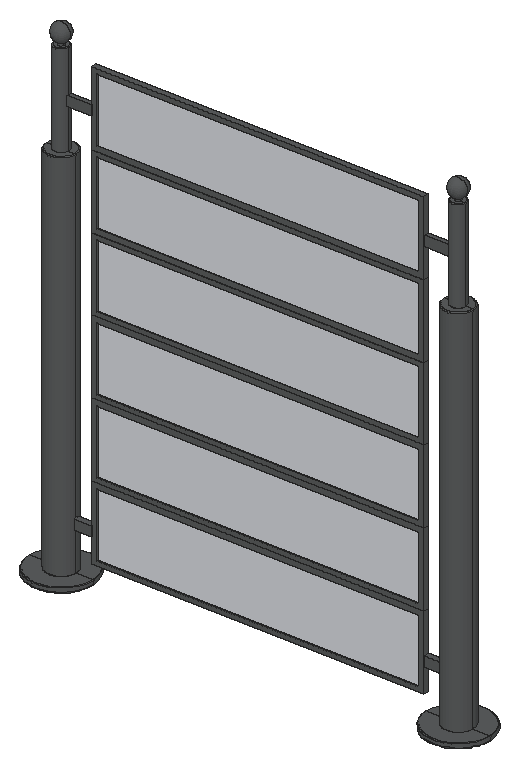
Revit family "Указатель стальной низкий арт.387", category Антураж, Revit 2017
Family settings
  На основе рабочей плоскости = Нет
  Всегда вертикально = Да
  При загрузке вырезать с полостями = Нет
  Источник визуального образа = Геометрия семейства
  Общий = Нет
  Точка расчета площади = Нет
Parameters (values of type "Указатель стальной низкий арт. 387")
  Стоимость = 15531
  Изготовитель = "ООО \"Хоббика\""
  Высота = 0 mm
  URL = "https://hobbyka.ru/product/ukazatel_stalnoi_nizkii_art_387/?sphrase_id=69589"
  ADSK_Размер_Ширина = 130 mm
  ADSK_Размер_Длина = 930 mm
  ADSK_Размер_Высота = 1000 mm
  ADSK_Наименование = "Указатель стальной низкий арт. 387"
  ADSK_Материал Опоры/Щита = Чугун, серый
  ADSK_Код изделия = "7367"
Reference planes
  plane 1 "По центру (Вперед/Назад)": y = 0
  plane 2: z = 0
  plane 3 "По центру (Влево/Вправо)": x = 0
Forms (mm)
  Revolve 1, solid, material "Чугун, серый" <- "ADSK_Материал Опоры/Щита"
    sketch origin (0, 0, 0) x (1, 0, 0) y (0, 0, 1)
      loop
        line (-401.08, 0) -> (-337.289, 0) -> (-336.08, 1.195) -> (-336.08, 8.791) -> (-337.289, 10) -> (-372.08, 10) -> (-372.08, 11) -> (-371.08, 11) -> (-371.08, 767.25) -> (-372.829, 769) -> (-387.08, 769) -> (-387.08, 770) -> (-386.08, 770) -> (-386.08, 955.852) -> (-387.228, 957) -> (-396.08, 957) -> (-396.08, 961.933)
        arc (-396.08, 961.933) -> (-383.258, 981.749) -> (-401.08, 997.224) r 18
        line (-401.08, 997.224) -> (-401.08, 0)
      axis (-401.08, 997.224) -> (-401.08, 0)
    angle from 0 to 360
  Revolve 2, solid, material "Чугун, серый" <- "ADSK_Материал Опоры/Щита"
    sketch origin (0, 0, 0) x (-1, 0, 0) y (0, 0, 1)
      loop
        line (-401.08, 0) -> (-337.289, 0) -> (-336.08, 1.195) -> (-336.08, 8.791) -> (-337.289, 10) -> (-372.08, 10) -> (-372.08, 11) -> (-371.08, 11) -> (-371.08, 767.25) -> (-372.829, 769) -> (-387.08, 769) -> (-387.08, 770) -> (-386.08, 770) -> (-386.08, 955.852) -> (-387.228, 957) -> (-396.08, 957) -> (-396.08, 961.933)
        arc (-396.08, 961.933) -> (-383.258, 981.749) -> (-401.08, 997.224) r 18
        line (-401.08, 997.224) -> (-401.08, 0)
      axis (-401.08, 997.224) -> (-401.08, 0)
    angle from 0 to 360
  Extrusion 3, solid, material "Чугун, серый" <- "ADSK_Материал Опоры/Щита"
    sketch origin (0, 0, 0) x (0, 1, 0) y (0, 0, 1)
      loop
        line (-5, 851.58) -> (5, 851.58) -> (5, 871.638) -> (-5, 871.638) -> (-5, 851.58)
    from -389.589 to -335
  Extrusion 4, solid, material "Чугун, серый" <- "ADSK_Материал Опоры/Щита"
    sketch origin (0, 0, -760.437) x (0, 1, 0) y (0, 0, 1)
      loop
        line (-5, 851.58) -> (5, 851.58) -> (5, 871.638) -> (-5, 871.638) -> (-5, 851.58)
    from -389.589 to -335
  Extrusion 5, solid, material "Чугун, серый" <- "ADSK_Материал Опоры/Щита"
    sketch origin (0, 0, 0) x (0, 1, 0) y (0, 0, -1)
      loop
        line (-5, -851.58) -> (-5, -871.638) -> (5, -871.638) -> (5, -851.58) -> (-5, -851.58)
    from -389.589 to -335
  Extrusion 6, solid, material "Чугун, серый" <- "ADSK_Материал Опоры/Щита"
    sketch origin (0, 0, -760.437) x (0, 1, 0) y (0, 0, -1)
      loop
        line (-5, -851.58) -> (-5, -871.638) -> (5, -871.638) -> (5, -851.58) -> (-5, -851.58)
    from -389.589 to -335
  Extrusion 7, solid, material "Чугун, серый" <- "ADSK_Материал Опоры/Щита"
    sketch origin (0, 0, 0) x (1, 0, 0) y (0, 0, 1)
      loop
        line (-325, 931.456) -> (-325, 801.456) -> (325, 801.456) -> (325, 931.456) -> (-325, 931.456)
      loop
        line (335, 791.456) -> (335, 941.456) -> (-335, 941.456) -> (-335, 791.456) -> (335, 791.456)
    from -5 to 5
  Extrusion 8, solid
    sketch origin (0, 0, 0) x (1, 0, 0) y (0, 0, 1)
      loop
        line (-325, 931.456) -> (-325, 801.456) -> (325, 801.456) -> (325, 931.456) -> (-325, 931.456)
      loop
        line (-325, 781.456) -> (-325, 651.456) -> (325, 651.456) -> (325, 781.456) -> (-325, 781.456)
      loop
        line (-325, 631.456) -> (-325, 501.456) -> (325, 501.456) -> (325, 631.456) -> (-325, 631.456)
      loop
        line (-325, 481.456) -> (-325, 351.456) -> (325, 351.456) -> (325, 481.456) -> (-325, 481.456)
      loop
        line (-325, 331.456) -> (-325, 201.456) -> (325, 201.456) -> (325, 331.456) -> (-325, 331.456)
      loop
        line (-325, 181.456) -> (-325, 51.456) -> (325, 51.456) -> (325, 181.456) -> (-325, 181.456)
    from -3 to 3
  Extrusion 9, solid, material "Чугун, серый" <- "ADSK_Материал Опоры/Щита", not visible
    sketch origin (0, 0, 0) x (1, 0, 0) y (0, 0, 1)
      loop
        line (-325, 931.456) -> (-325, 801.456) -> (325, 801.456) -> (325, 931.456) -> (-325, 931.456)
      loop
        line (335, 791.456) -> (335, 941.456) -> (-335, 941.456) -> (-335, 791.456) -> (335, 791.456)
    from -5 to 5
  Extrusion 10, solid, material "Чугун, серый" <- "ADSK_Материал Опоры/Щита"
    sketch origin (0, 0, -150) x (1, 0, 0) y (0, 0, 1)
      loop
        line (-325, 931.456) -> (-325, 801.456) -> (325, 801.456) -> (325, 931.456) -> (-325, 931.456)
      loop
        line (335, 791.456) -> (335, 941.456) -> (-335, 941.456) -> (-335, 791.456) -> (335, 791.456)
    from -5 to 5
  Extrusion 11, solid, material "Чугун, серый" <- "ADSK_Материал Опоры/Щита"
    sketch origin (0, 0, -300) x (1, 0, 0) y (0, 0, 1)
      loop
        line (-325, 931.456) -> (-325, 801.456) -> (325, 801.456) -> (325, 931.456) -> (-325, 931.456)
      loop
        line (335, 791.456) -> (335, 941.456) -> (-335, 941.456) -> (-335, 791.456) -> (335, 791.456)
    from -5 to 5
  Extrusion 12, solid, material "Чугун, серый" <- "ADSK_Материал Опоры/Щита"
    sketch origin (0, 0, -450) x (1, 0, 0) y (0, 0, 1)
      loop
        line (-325, 931.456) -> (-325, 801.456) -> (325, 801.456) -> (325, 931.456) -> (-325, 931.456)
      loop
        line (335, 791.456) -> (335, 941.456) -> (-335, 941.456) -> (-335, 791.456) -> (335, 791.456)
    from -5 to 5
  Extrusion 13, solid, material "Чугун, серый" <- "ADSK_Материал Опоры/Щита"
    sketch origin (0, 0, -600) x (1, 0, 0) y (0, 0, 1)
      loop
        line (-325, 931.456) -> (-325, 801.456) -> (325, 801.456) -> (325, 931.456) -> (-325, 931.456)
      loop
        line (335, 791.456) -> (335, 941.456) -> (-335, 941.456) -> (-335, 791.456) -> (335, 791.456)
    from -5 to 5
  Extrusion 14, solid, material "Чугун, серый" <- "ADSK_Материал Опоры/Щита"
    sketch origin (0, 0, -750) x (1, 0, 0) y (0, 0, 1)
      loop
        line (-325, 931.456) -> (-325, 801.456) -> (325, 801.456) -> (325, 931.456) -> (-325, 931.456)
      loop
        line (335, 791.456) -> (335, 941.456) -> (-335, 941.456) -> (-335, 791.456) -> (335, 791.456)
    from -5 to 5
Cuts and joins
  joined: Revolve 2, Extrusion 5, Extrusion 6
  joined: Revolve 1, Extrusion 3, Extrusion 4
Dimensions and locks
  aligned and locked: level to plane 2
